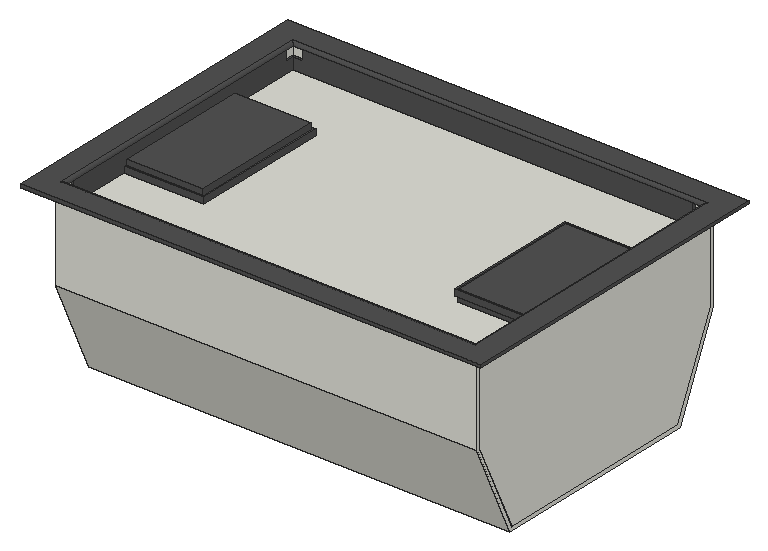
Revit family "Electrical-Box_FSR_RFL45-D2G", category Electrical Fixtures, host Face, Revit 2026
Family settings
  Host = Face
  Round Connector Dimension = Use Diameter
  Part Type = Normal
  Cut with Voids When Loaded = No
  Maintain Annotation Orientation = No
  Shared = No
  Room Calculation Point = No
Parameters (values of type "Black Cover")
  Warranty Duration (Years) = 0
  Voltage = 120 V
  URL = "http://www.fsrinc.com/"
  Trim Material = Material and Finish as Specified in 26 27 26
  Test Data = "ftp://doclib.fsrinc.com/"
  Specification = "http://www.arcat.com/specwizard/clients/fsrinc.html?coid=40389"
  Send Message = "http://admin.arcat.com/users.pl?action=UserEmail&company=FSR%20Inc.&coid=40389&rep=121&fax=973-785-4207&mf=04"
  Sales Information = "http://www.fsrinc.com/salesContacts.htm"
  Product Properties = ""
  Product Data = "http://www.arcat.com/arcatcos/cos40/arc40389.html"
  Pole = 1
  Model = "RFL4.5-D2G"  # constant formula
  Manufacturer Website = "http://www.fsrinc.com/"
  Manufacturer Phone - Toll Free = "800-332-3771"
  Manufacturer Phone = "973-785-4347"
  Manufacturer Fax = "973-785-4207"
  Manufacturer Address = "244 Bergen Blvd; West Paterson; NJ 07424"
  Manufacturer = "FSR Inc."
  Maintenance Schedule (Months) = 0
  Keynote = "26 27 26"
  Installation-Fabrication = "ftp://doclib.fsrinc.com/"
  Installation Phase = ""
  Green Building-LEED = "http://www.arcat.com/green/clients04/leed_data_40389.html"
  Expected Lifespan (Years) = 0
  Drawn By = "Robert S. Weygant. CSI, CDT, SCIP"  # constant formula
  Description = "FSR RFL4.5-D2G - Black Cover"
  Default Elevation = 48.00"
  Cover Material = Black
  Copyright = "2009, ARCAT, Inc."  # constant formula
  Construction Details = "ftp://doclib.fsrinc.com/"
  Connections = "(2) - 1/2\"; (6) - 1/2 - 3/4; (2) 1\" - 1 1/4\" Knockouts; (3) 1x2\" Oval Knockouts"
  Building Codes = "ftp://doclib.fsrinc.com/"
  Box Width [instance] = 10.91"
  Box Length [instance] = 7.65"
  Box Depth [instance] = 4.67"
  Body Material = Material and Finish as Specified in 26 27 26
  Assembly Code = "D5020100"
  Apparent Load = 0 VA
Types (4): name | Description | Cover Material
  (no name) | "FSR RFL4.5-D2G - Black Cover" | Black
  Black Cover | "FSR RFL4.5-D2G - Black Cover" | Black
  Gray Cover | "FSR RFL4.5-D2G - Gray Cover" | Gray
  Tan Cover | "FSR RFL4.5-D2G - Tan Cover" | Tan
Reference planes (in)
  plane 1 "Center (Front/Back)": y = 0
  plane 2: z = 0
  plane 3 "Center (Left/Right)": x = 0
  plane 4: y = 3.825
  plane 5: y = -3.825
  plane 6: x = 5.455
  plane 7: x = -5.455
  plane 8 "Base": z = -4.67
Forms (in)
  Extrusion 1, solid, material "Material and Finish as Specified in 26 27 26" <- "Body Material"
    sketch origin (5.455, 60, 48) x (0, 1, 0) y (0, 0, 1)
      loop
        line (-56.175, -48) -> (-56.255, -48) -> (-56.255, -50.31507) -> (-57.29887, -52.59) -> (-62.70113, -52.59) -> (-63.745, -50.31507) -> (-63.745, -48) -> (-63.825, -48) -> (-63.825, -50.335) -> (-62.74922, -52.67) -> (-57.25078, -52.67) -> (-56.175, -50.335) -> (-56.175, -48)
    from -10.91 to 0
  Extrusion 2, solid, material "Material and Finish as Specified in 26 27 26" <- "Body Material"
    sketch origin (4.75, 60, 48) x (0, 1, 0) y (0, 0, 1)
      loop
        line (-56.255, -48) -> (-63.745, -48) -> (-63.745, -50.31507) -> (-62.70113, -52.59) -> (-57.29887, -52.59) -> (-56.255, -50.31507) -> (-56.255, -48)
    from 0.705 to 0.6263
  Extrusion 3, solid, material "Material and Finish as Specified in 26 27 26" <- "Body Material"
    sketch origin (-4.6713, 59.83, 48) x (0, 1, 0) y (0, 0, 1)
      loop
        line (-56.085, -48) -> (-63.575, -48) -> (-63.575, -50.31507) -> (-62.53113, -52.59) -> (-57.13366, -52.59) -> (-56.085, -50.31387) -> (-56.085, -48)
    from -0.705 to -0.7837
  Extrusion 4, solid, material "Material and Finish as Specified in 26 27 26" <- "Trim Material"
    sketch origin (0, 0, -0.62) x (1, 0, 0) y (0, 1, 0)
      loop
        line (-5.3763, 3.745) -> (-5.3763, -3.745) -> (5.3763, -3.745) -> (5.3763, 3.745) -> (-5.3763, 3.745)
    from 0 to 0.0787
  Sweep 5, solid, material "Black" <- "Cover Material"
    path in 3D
      loop
        line (-5.3763, -3.745, 0) -> (5.3763, -3.745, 0) -> (5.3763, 3.745, 0) -> (-5.3763, 3.745, 0) -> (-5.3763, -3.745, 0)
    profile origin (-5.3763, 0, 0) x (1, 0, 0) y (0, 0, 1)
      loop
        line (0, -0.5413) -> (0.0787, -0.5413) -> (0.0787, 0)
        arc (0.0787, 0) -> (0.05565, 0.05565) -> (0, 0.0787) r 0.0787
        line (0, 0.0787) -> (-0.5882, 0.0787) -> (-0.5882, 0) -> (0, 0) -> (0, -0.5413)
  Extrusion 6, solid, material "Black" <- "Cover Material"
    sketch origin (0, 0, 0) x (1, 0, 0) y (0, 1, 0)
      loop
        line (-5.2976, 1.74344) -> (-5.2976, -1.74344) -> (-3.2976, -1.74344) -> (-3.2976, 1.74344) -> (-5.2976, 1.74344)
    from -0.5413 to -0.2413
  Extrusion 7, solid, material "Black" <- "Cover Material"
    sketch origin (0, 0, 0) x (-1, 0, 0) y (0, -1, 0)
      loop
        line (-5.2976, -1.74344) -> (-3.2976, -1.74344) -> (-3.2976, 1.74344) -> (-5.2976, 1.74344) -> (-5.2976, -1.74344)
    from -0.5413 to -0.2413
  Extrusion 8, void
    sketch origin (0, 0, 0) x (1, 0, 0) y (0, 1, 0)
      loop
        line (-5.455, 3.825) -> (-5.455, 3.425) -> (-5.055, 3.425) -> (-5.055, 3.825) -> (-5.455, 3.825)
      loop
        line (5.055, 3.825) -> (5.055, 3.425) -> (5.455, 3.425) -> (5.455, 3.825) -> (5.055, 3.825)
      loop
        line (-5.455, -3.425) -> (-5.455, -3.825) -> (-5.055, -3.825) -> (-5.055, -3.425) -> (-5.455, -3.425)
      loop
        line (5.055, -3.425) -> (5.055, -3.825) -> (5.455, -3.825) -> (5.455, -3.425) -> (5.055, -3.425)
    from 0 to -0.25
  Sweep 9, solid, material "Black" <- "Cover Material"
    path in 3D
      loop
        line (-5.2976, -1.74344, -0.2413) -> (-3.2976, -1.74344, -0.2413) -> (-3.2976, 1.74344, -0.2413) -> (-5.2976, 1.74344, -0.2413)
    profile origin (-4.2976, -1.74344, -0.2413) x (0, 1, 0) y (0, 0, 1)
      loop
        line (0, -0.13475) -> (-0.06456, -0.13475) -> (-0.06456, -0.2913) -> (0, -0.2913) -> (0, -0.13475)
  Sweep 10, solid, material "Black" <- "Cover Material"
    path in 3D
      loop
        line (5.2976, 1.74344, -0.2413) -> (3.2976, 1.74344, -0.2413) -> (3.2976, -1.74344, -0.2413) -> (5.2976, -1.74344, -0.2413)
    profile origin (4.2976, -1.74344, -0.2413) x (0, 1, 0) y (0, 0, 1)
      loop
        line (0, 0) -> (-0.04576, 0) -> (-0.04576, -0.14886) -> (0, -0.14886) -> (0, 0)
  Extrusion 11, void
    sketch origin (0, 0, 0) x (1, 0, 0) y (0, 1, 0)
      loop
        line (5.9645, 4.3332) -> (-5.9645, 4.3332) -> (-5.9645, -4.3332) -> (5.9645, -4.3332) -> (5.9645, 4.3332)
    from -4.67 to 0
Cuts and joins
  Extrusion 8 cuts Sweep 5
Lines and regions (in)
  sketch lines
    curve 1: line (-5.3763, 3.745, 0) -> (-5.3763, -3.745, 0)
    curve 2: line (5.3763, 3.745, 0) -> (-5.3763, 3.745, 0)
    curve 3: line (5.3763, -3.745, 0) -> (5.3763, 3.745, 0)
    curve 4: line (5.3763, -3.745, 0) -> (-5.3763, -3.745, 0)
    curve 5: line (-5.2976, -1.74344, -0.2413) -> (-3.2976, -1.74344, -0.2413)
    curve 6: line (-3.2976, -1.74344, -0.2413) -> (-3.2976, 1.74344, -0.2413)
    curve 7: line (-3.2976, 1.74344, -0.2413) -> (-5.2976, 1.74344, -0.2413)
    curve 8: line (3.2976, -1.74344, -0.2413) -> (5.2976, -1.74344, -0.2413)
    curve 9: line (3.2976, 1.74344, -0.2413) -> (3.2976, -1.74344, -0.2413)
    curve 10: line (5.2976, 1.74344, -0.2413) -> (3.2976, 1.74344, -0.2413)
Dimensions and locks (in)
  equal spacing: plane 5, plane 1 "Center (Front/Back)", plane 4
  equal spacing: plane 7, plane 3 "Center (Left/Right)", plane 6
  "Box Width": plane 7 to plane 6
  "Box Length": plane 5 to plane 4
  Extrusion 6 sketch curve to Extrusion 6 sketch curve = 3.48688"
  Extrusion 7 sketch curve to Extrusion 7 sketch curve = 3.48688"
  aligned and locked: plane 2 to host face
  aligned and locked: level to host face
  aligned and locked: Extrusion 1 sketch curve to plane 5
  aligned and locked: Extrusion 1 sketch curve to plane 4
  aligned and locked: Extrusion 1 to plane 7
  aligned and locked: plane 6 to Extrusion 1
  aligned and locked: Extrusion 2 sketch curve to Extrusion 1  (x5)
  aligned and locked: Extrusion 4 sketch curve to Extrusion 3  (x2)
  aligned and locked: plane 7 to Extrusion 8 sketch curve
  aligned and locked: plane 4 to Extrusion 8 sketch curve  (x2)
  aligned and locked: Extrusion 8 sketch curve to plane 6  (x2)
  aligned and locked: Extrusion 8 sketch curve to plane 5  (x2)
  aligned and locked: profile plane to Sweep 9 sketch curve
  aligned and locked: plane 8 "Base" to Extrusion 1
  aligned and locked: Extrusion 11 sketch curve to Sweep 5  (x4)
  aligned and locked: level to Extrusion 11
  aligned and locked: Extrusion 3 to Extrusion 1
  aligned and locked: Extrusion 2 to Extrusion 1
  aligned and locked: Extrusion 11 to Extrusion 1
Automatic sketch dimensions
  host sketch curve to host sketch curve = 96.00"  (x2)
  Extrusion 1 sketch curve to level = 0.00"  (x2)
  Extrusion 1 sketch curve to plane 5 = 0.08"
  Extrusion 1 sketch curve to plane 5 = 1.07578"
  Extrusion 1 sketch curve to Extrusion 1 sketch curve = 0.04809"  (x2)
  plane 4 to Extrusion 1 sketch curve = 1.12387"
  plane 4 to Extrusion 1 sketch curve = 0.08"
  Extrusion 1 sketch curve to level = 2.31507"  (x2)
  Extrusion 1 sketch curve to Extrusion 1 sketch curve = 0.01993"  (x2)
  Extrusion 1 sketch curve to Extrusion 1 sketch curve = 2.27493"
  Extrusion 1 sketch curve to Extrusion 1 sketch curve = 0.08"
  Extrusion 2 sketch curve to level = 0.00"
  Extrusion 3 sketch curve to level = 0.00"
  Extrusion 3 sketch curve to plane 5 = 0.08"
  Extrusion 3 sketch curve to plane 5 = 1.12387"
  plane 4 to Extrusion 3 sketch curve = 1.12866"
  plane 4 to Extrusion 3 sketch curve = 0.08"
  Extrusion 3 sketch curve to level = 2.31387"
  Extrusion 3 sketch curve to level = 2.31507"
  Extrusion 3 sketch curve to Extrusion 3 sketch curve = 2.27613"
  Sweep 5 sketch curve to profile plane = 0.00"  (x2)
  profile plane to Sweep 5 sketch curve = 0.00"  (x2)
  profile plane to Sweep 5 sketch curve = 0.0787"
  Sweep 5 sketch curve to Sweep 5 sketch curve = 0.5882"
  Sweep 5 sketch curve to profile plane = 0.5413"
  plane 7 to Extrusion 6 sketch curve = 0.1574"
  Extrusion 6 sketch curve to Extrusion 6 sketch curve = 2.00"
  plane 1 "Center (Front/Back)" to Extrusion 6 sketch curve = 1.74344"
  plane 6 to Extrusion 7 sketch curve = 0.1574"
  Extrusion 7 sketch curve to Extrusion 7 sketch curve = 2.00"
  Extrusion 7 sketch curve to plane 1 "Center (Front/Back)" = 1.74344"
  plane 1 "Center (Front/Back)" to Extrusion 7 sketch curve = 1.74344"
  Extrusion 8 sketch curve to plane 7 = 0.00"
  plane 7 to Extrusion 8 sketch curve = 0.40"  (x2)
  Extrusion 8 sketch curve to plane 6 = 0.40"  (x2)
  Extrusion 8 sketch curve to plane 5 = 0.40"  (x2)
  plane 4 to Extrusion 8 sketch curve = 0.40"  (x2)
  profile plane to Sweep 9 sketch curve = 0.06456"
  Sweep 9 sketch curve to profile plane = 0.2913"
  Sweep 9 sketch curve to profile plane = 0.13475"
  profile plane to Sweep 10 sketch curve = 0.00"
  Sweep 10 sketch curve to profile plane = 0.00"
  profile plane to Sweep 10 sketch curve = 0.04576"
  Sweep 10 sketch curve to profile plane = 0.14886"
  Extrusion 4 sketch curve to plane 6 = 0.0787"
  Extrusion 4 sketch curve to plane 5 = 0.08"
Connectors (in)
  electrical at (0, 0, -4.67), driven by "Voltage", driven by "Apparent Load", driven by "Pole", driven by "Apparent Load"
    settings: on Extrusion 1, index 1, voltage 120 V, apparent load 0 VA, apparent load phase1 0 VA, apparent load phase2 0 VA, apparent load phase3 0 VA, power factor 1, load classification "Other", number of poles 1, system type 30, power factor state 1, is connector primary yes, connector utility no, sub classification motor no, connector description ""
